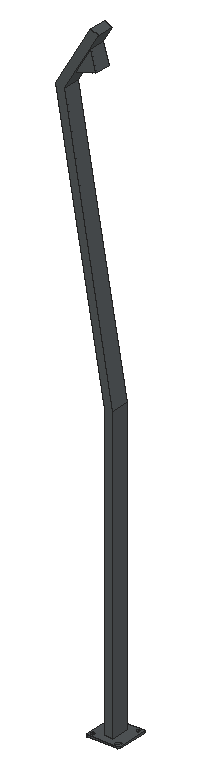
Revit family "Брейк", category Осветительные приборы, Revit 2019 (continued)
Types (3, lengths in mm): name | Файл фотометрической сетки | built-in parameter 1150105 | Lumens | built-in parameter 1150106 | built-in parameter 1150142 | Wattage | ADSK_Фактическая мощность | ADSK_Номинальная мощность | ADSK_Наименование | ADSK_Масса_Текст | ADSK_Масса | ADSK_Артикул | 60вт
    06.2 299.4 299.0 304.3 310.7 315.0 318.7 323.8 331.5 339.6 346.6 351.5 356.6 363.8 374.6 388.1 402.7 416.6 428.6\r\n 437.6 442.9 444.0 442.7 441.4 443.2 447.5 452.8 456.4 458.5 459.4 459.3 457.3 452.2 444.4 434.3 423.3 410.6 396.1 378.7 359.7\r\n 339.5 319.2 298.9 279.8 262.1 245.8 229.4 212.3 194.6 177.1 161.1 147.0 134.5 123.0 111.8 101.3 91.9 83.6 75.6 67.7 60.3 54.0\r\n 49.1 45.0 41.4 38.0 34.7 31.7 29.4 27.9 27.1 26.5 25.7 24.9 24.3 23.9 23.6 23.0 21.8 20.1 18.0 15.8 13.8 12.1 10.7 9.4 8.1 7.0\r\n 6.7\r\n325.0 321.2 314.1 306.5 303.1 305.5 310.4 315.1 320.3 326.8 335.1 343.5 351.3 357.7 364.1 372.2 383.2 396.3 410.0 423.0 434.9\r\n 444.7 451.0 452.8 451.2 448.6 448.3 450.0 452.6 453.1 451.6 448.1 443.3 436.3 426.6 414.6 400.6 386.6 371.7 355.4 336.3 315.3\r\n 293.5 272.1 251.8 233.3 216.6 201.5 186.8 171.6 156.2 141.2 127.9 116.5 106.7 97.7 88.8 80.3 72.8 66.1 59.8 53.8 48.2 43.6 39.9\r\n 36.8 34.0 31.4 28.7 26.4 24.7 23.8 23.4 23.1 22.7 22.4 22.1 22.0 21.8 21.2 20.0 18.5 16.6 14.8 13.1 11.7 10.4 9.2 7.9 6.7 5.6\r\n325.0 323.1 317.3 309.6 305.2 305.7 309.3 313.6 319.6 327.1 336.0 345.2 354.4 363.2 372.0 381.9 393.4 405.5 417.3 428.0 438.2\r\n 447.0 453.4 455.8 454.6 451.5 449.4 448.8 449.0 447.1 442.9 435.8 426.8 415.4 401.5 385.5 368.5 352.2 336.3 319.6 300.2 278.7\r\n 256.6 235.5 216.1 198.9 183.8 170.5 157.9 145.2 132.4 119.8 108.5 98.6 90.3 82.6 75.1 67.9 61.3 55.5 50.3 45.6 41.4 37.8 34.7\r\n 32.1 29.6 27.2 24.9 22.9 21.6 20.9 20.6 20.2 19.8 19.5 19.3 19.2 18.8 18.1 17.0 15.6 14.1 12.7 11.5 10.4 9.4 8.2 7.0 5.6 4.7\r\n325.0 322.3 316.7 310.0 305.7 305.2 307.3 311.1 317.4 326.0 336.1 346.6 357.2 367.9 378.8 390.3 402.2 413.4 423.5 432.0 439.5\r\n 445.8 450.9 453.5 453.2 450.1 446.3 442.8 440.2 436.5 430.6 421.9 410.6 396.6 379.8 360.9 341.7 324.0 307.5 290.5 271.3 250.2\r\n 228.8 208.8 191.1 175.4 161.9 150.0 139.3 128.8 118.3 107.7 97.7 88.5 80.5 73.3 66.4 59.9 53.9 48.6 44.0 40.1 36.7 33.8 31.1 28.6\r\n 26.2 23.8 21.6 19.9 18.9 18.3 17.8 17.3 16.7 16.4 16.2 16.0 15.5 14.7 13.6 12.4 11.4 10.4 9.6 8.8 7.9 7.0 5.8 4.6 1.9\r\n325.0 320.0 314.6 309.8 306.5 305.4 306.1 309.5 316.2 326.2 337.6 349.4 360.8 372.3 384.1 396.1 407.7 418.1 427.2 434.3 439.8\r\n 443.3 446.5 448.8 449.5 446.8 441.4 435.0 429.1 423.2 416.3 406.8 394.7 379.4 361.1 341.3 321.7 303.7 286.6 269.0 249.7 229.1\r\n 208.9 190.5 174.4 160.2 148.0 137.2 127.8 119.0 110.2 101.0 91.7 82.7 74.5 67.3 60.6 54.5 48.9 44.0 39.7 36.2 33.1 30.5 28.0 25.7\r\n 23.3 21.0 18.9 17.5 16.6 16.0 15.3 14.6 14.0 13.7 13.5 13.3 12.7 11.9 10.9 9.9 9.2 8.6 8.1 7.4 6.7 5.9 4.9 3.6 2.9\r\n325.0 318.0 312.8 310.0 308.0 306.6 306.2 309.4 316.3 327.3 339.6 352.3 364.2 376.2 388.3 399.9 410.4 419.5 428.2 435.1 439.8\r\n 441.4 442.9 444.7 446.2 444.1 437.9 428.8 419.6 411.1 402.7 392.5 379.8 363.8 345.5 326.4 308.0 290.6 273.2 254.7 234.8 214.6\r\n 195.6 178.6 164.0 151.3 140.2 130.4 121.9 113.9 105.9 97.3 88.2 78.9 70.4 62.9 56.5 50.7 45.6 41.1 37.1 33.5 30.4 27.7 25.4 23.2\r\n 21.0 18.9 17.1 15.8 15.0 14.3 13.5 12.6 12.0 11.7 11.6 11.3 10.8 10.0 9.1 8.4 7.8 7.5 7.1 6.6 5.9 5.2 4.4 3.5 0.8\r\n325.0 316.1 310.6 308.9 308.1 307.7 307.6 311.0 317.9 328.9 341.1 354.1 366.6 379.6 392.0 402.7 411.3 418.6 426.9 434.3 439.8\r\n 441.4 442.4 443.9 445.5 443.5 436.8 426.2 414.7 403.7 393.4 381.9 368.1 351.5 333.5 315.9 299.3 282.7 265.0 245.8 225.7 206.1\r\n 188.0 172.2 158.7 147.0 136.9 127.8 119.7 111.9 104.1 95.5 86.0 76.3 67.5 59.8 53.5 48.3 43.7 39.7 35.8 32.0 28.6 25.8 23.5 21.5\r\n 19.5 17.7 16.2 15.0 14.1 13.2 12.3 11.4 10.9 10.6 10.5 10.2 9.7 8.9 8.2 7.6 7.2 6.9 6.6 6.1 5.5 4.9 4.2 3.5 3.3\r\n325.0 313.8 306.5 304.2 304.2 305.5 307.2 311.6 318.5 329.0 340.6 353.9 367.5 381.9 395.0 404.9 411.4 416.8 424.2 432.2 439.2\r\n 442.4 444.4 445.5 446.2 443.4 436.4 425.4 413.0 400.5 388.8 376.2 361.7 344.6 327.0 310.3 294.6 278.2 260.0 240.5 220.6 201.7\r\n 184.5 169.6 156.9 146.0 136.4 127.6 119.6 111.6 103.5 94.5 84.8 74.9 65.8 58.2 52.0 47.0 42.9 39.2 35.4 31.5 27.8 24.7 22.3 20.4\r\n 18.8 17.3 15.9 14.6 13.6 12.6 11.6 10.9 10.4 10.1 9.9 9.5 9.1 8.5 7.8 7.3 6.9 6.6 6.3 5.8 5.3 4.7 4.1 3.6 4.1\r\n325.0 310.4 300.1 296.1 296.7 300.2 304.4 310.4 317.6 327.8 339.2 353.0 367.8 383.6 397.1 406.2 411.1 414.8 421.1 429.4 437.9\r\n 443.6 447.0 447.7 446.5 442.1 435.2 425.2 413.8 401.3 389.0 375.5 360.3 343.0 325.5 309.0 293.1 276.3 257.6 238.1 218.5 200.2\r\n 183.6 169.5 157.4 146.9 137.5 128.7 120.3 112.0 103.6 94.5 84.7 74.8 65.7 58.0 51.9 47.1 43.1 39.4 35.6 31.7 27.8 24.5 22.0 20.1\r\n 18.5 17.1 15.8 14.6 13.4 12.3 11.4 10.7 10.2 9.9 9.6 9.3 8.9 8.3 7.7 7.2 6.8 6.5 6.1 5.7 5.1 4.6 4.0 3.3 1.6\r\n325.0 306.3 292.4 286.3 287.1 292.7 299.4 307.1 315.2 326.0 337.9 352.3 367.5 383.6 396.9 405.8 410.2 413.6 419.3 427.6 437.1\r\n 444.4 448.4 448.1 445.0 439.5 433.3 425.4 416.3 405.1 392.7 378.6 362.7 345.2 327.7 311.3 295.2 278.0 259.0 239.4 219.8 201.4\r\n 184.8 170.7 158.9 148.7 139.3 130.3 121.6 113.0 104.3 95.3 85.8 76.2 67.2 59.6 53.4 48.3 44.1 40.3 36.5 32.5 28.6 25.1 22.3 20.2\r\n 18.6 17.2 15.9 14.7 13.5 12.4 11.5 10.9 10.5 10.2 9.9 9.4 8.9 8.4 7.8 7.3 6.9 6.5 6.1 5.6 5.0 4.4 3.9 3.0 2.3\r\n325.0 302.2 284.9 277.3 278.8 286.8 295.9 305.2 314.3 325.8 338.2 352.2 366.4 381.5 394.5 403.9 409.4 413.9 420.1 428.5 438.0\r\n 445.3 449.0 447.9 443.9 438.5 433.9 428.8 422.4 412.7 400.3 385.1 368.2 350.4 333.2 317.2 301.2 284.0 264.9 244.9 224.6 205.6\r\n 188.4 173.9 161.7 151.5 141.9 132.8 123.7 114.8 106.0 97.2 88.1 78.9 70.1 62.4 55.8 50.3 45.7 41.6 37.8 34.0 30.1 26.4 23.3 21.0\r\n 19.1 17.6 16.4 15.1 14.0 13.0 12.1 11.5 11.2 10.9 10.5 9.9 9.3 8.7 8.2 7.7 7.3 6.9 6.4 5.8 5.1 4.5 4.0 3.4 1.7\r\n325.0 298.2 278.3 270.3 273.8 284.7 296.0 306.3 315.9 327.6 339.5 351.8 363.5 376.8 389.5 400.6 408.6 415.5 423.1 431.9 440.8\r\n 447.1 450.0 448.8 445.4 441.3 438.5 435.7 431.2 422.8 410.5 394.9 377.3 359.4 342.5 327.0 311.5 294.8 275.5 254.9 233.6 213.6\r\n 195.4 180.0 167.0 156.0 145.9 136.3 126.9 117.7 108.9 100.1 91.4 82.5 73.9 66.0 59.0 52.9 47.8 43.4 39.7 36.0 32.2 28.3 25.0 22.2\r\n 20.2 18.6 17.3 16.2 15.1 14.1 13.3 12.7 12.3 12.0 11.5 10.9 10.2 9.5 9.0 8.5 8.1 7.7 7.1 6.3 5.5 4.8 4.3 3.8 4.4\r\n325.0 294.6 273.0 266.2 272.9 286.8 299.8 310.2 319.2 329.9 340.2 350.0 359.3 371.0 383.9 396.7 407.1 416.2 425.2 434.5 443.3\r\n 449.3 452.3 452.0 450.1 447.6 445.9 444.0 440.4 433.2 422.1 407.5 390.7 373.5 356.9 341.8 326.6 310.0 290.5 269.1 247.1 226.4\r\n 207.6 191.3 177.0 164.3 152.8 142.1 132.1 122.7 113.6 104.7 96.0 87.1 78.5 70.2 62.7 56.1 50.4 45.8 42.0 38.5 34.7 30.9 27.3 24.2\r\n 21.8 20.1 18.8 17.7 16.8 15.8 14.9 14.3 13.9 13.6 13.2 12.5 11.8 11.1 10.6 10.1 9.6 9.1 8.4 7.4 6.4 5.5 4.7 4.0 4.2\r\n325.0 291.3 269.1 264.4 274.7 290.9 304.3 313.5 320.9 329.7 338.1 346.2 354.2 365.4 378.6 392.3 403.6 413.5 423.3 433.7 443.6\r\n 450.9 455.0 456.1 455.5 454.1 452.4 450.3 446.9 441.5 433.2 421.9 408.0 392.8 377.4 362.7 347.6 330.9 311.3 289.7 267.4 246.4\r\n 227.2 209.9 193.8 178.9 165.0 152.5 141.4 131.2 121.6 112.0 102.6 93.2 84.1 75.5 67.5 60.3 54.3 49.4 45.4 41.7 38.0 34.0 30.2\r\n 26.9 24.2 22.3 20.9 19.9 18.9 18.0 17.1 16.4 16.0 15.9 15.6 15.1 14.5 13.9 13.4 12.7 12.0 11.1 10.1 8.9 7.7 6.5 5.3 4.0 1.5\r\n325.0 289.5 267.8 265.4 278.0 294.4 306.6 313.6 318.9 325.6 332.8 340.8 349.5 361.4 374.8 388.0 398.5 407.4 416.7 428.0 439.9\r\n 449.9 456.0 458.7 458.9 457.8 455.6 453.2 450.6 447.9 443.8 437.4 428.0 416.3 403.4 390.0 375.3 358.6 339.1 318.0 296.3 275.8\r\n 256.5 238.4 220.6 203.2 186.7 171.8 158.7 146.9 135.7 124.6 113.5 102.8 92.7 83.2 74.6 67.1 60.7 55.4 50.8 46.7 42.5 38.4 34.4\r\n 30.7 27.6 25.3 23.6 22.4 21.4 20.4 19.5 18.9 18.7 18.7 18.7 18.5 18.2 17.7 17.0 16.1 15.0 13.6 12.1 10.5 9.0 7.4 5.9 4.2 2.1\r\n325.0 290.1 270.0 269.2 282.0 296.3 305.8 310.4 313.7 318.9 325.5 334.6 345.2 358.5 371.7 383.9 392.6 400.0 408.4 420.0 433.3\r\n 445.3 453.4 457.5 458.5 458.1 456.3 454.7 453.8 454.4 454.7 453.0 448.1 440.7 431.4 420.9 408.1 392.8 374.7 355.0 335.0 315.9\r\n 297.3 278.7 259.6 240.1 221.3 204.0 188.6 174.3 160.4 146.4 132.5 119.3 107.2 96.4 86.8 78.6 71.6 65.6 60.0 54.8 49.9 45.1 40.6\r\n 36.4 32.7 29.7 27.4 25.8 24.5 23.3 22.3 21.7 21.5 21.7 21.9 22.0 21.8 21.4 20.6 19.4 17.7 15.7 13.7 11.8 9.9 8.2 6.4 4.6 3.2\r\n325.0 293.6 276.0 275.5 286.2 297.0 303.3 305.7 307.7 311.9 318.3 328.4 340.6 355.3 368.6 380.2 387.9 394.1 400.9 411.3 424.1\r\n 436.7 445.9 451.6 454.4 455.9 456.1 456.9 458.9 462.8 466.3 467.7 466.0 462.1 456.8 450.2 441.2 429.3 414.3 397.8 381.1 364.9\r\n 348.6 330.7 311.1 290.3 270.1 251.3 234.0 217.3 200.3 182.6 164.9 148.1 133.0 119.9 108.6 99.1 90.8 83.6 76.5 69.5 62.9 56.9 51.4\r\n 46.2 41.4 37.3 34.0 31.3 29.2 27.5 26.1 25.1 24.7 24.7 24.8 24.7 24.5 23.9 22.8 21.2 19.1 16.8 14.5 12.3 10.3 8.4 6.6 4.8 3.5\r\n325.0 299.3 284.5 283.1 290.3 297.2 300.8 301.9 303.4 307.2 313.2 323.2 335.5 350.4 364.0 375.9 383.8 390.0 395.7 404.2 414.7\r\n 425.9 435.3 442.7 448.2 452.7 456.5 460.8 466.1 472.3 477.3 479.7 479.4 478.0 476.3 474.1 470.3 463.4 453.5 441.4 429.3 417.4\r\n 404.6 388.8 369.9 349.4 329.6 311.4 294.3 276.7 257.6 236.6 215.1 194.3 175.7 159.6 145.9 134.4 124.4 115.2 105.9 96.5 87.6 79.4\r\n 72.2 65.3 58.8 52.9 47.8 43.6 40.0 36.9 34.3 32.2 30.5 29.3 28.2 27.1 26.0 24.8 23.2 21.2 18.9 16.4 14.1 12.0 10.0 8.1 6.4 4.8\r\n 2.8\r\n325.0 305.0 292.6 289.8 293.3 296.8 298.4 299.0 300.8 304.9 310.6 319.4 330.4 344.4 357.8 370.2 379.1 385.9 391.2 397.7 405.5\r\n 414.8 424.2 433.4 441.7 449.5 456.9 464.7 472.6 479.9 484.9 487.4 488.1 488.8 490.2 492.0 493.0 491.2 486.3 479.2 472.1 465.0\r\n 456.5 443.9 427.6 409.7 393.0 378.0 363.7 347.6 328.7 306.6 282.9 259.5 238.3 219.8 203.9 190.4 178.4 167.0 155.4 143.5 131.9\r\n 121.4 111.9 102.8 94.1 85.9 78.6 72.1 66.3 60.8 55.6 50.6 45.8 41.2 36.8 32.9 29.4 26.3 23.5 20.7 17.9 15.4 13.2 11.3 9.5 7.7 6.1\r\n 4.6 3.7\r\n325.0 309.0 298.2 293.9 294.3 295.3 295.8 296.6 299.2 304.0 309.5 317.0 325.8 337.7 350.0 362.1 371.6 379.1 384.7 390.3 396.7\r\n 405.0 414.9 425.6 436.2 446.3 456.2 466.0 475.0 482.2 486.9 490.2 492.9 496.2 500.5 505.2 509.2 510.6 509.3 506.0 503.0 500.2\r\n 496.0 488.0 476.5 463.6 451.9 442.0 432.0 419.6 403.3 383.1 360.5 337.6 316.3 297.4 281.0 266.6 253.5 240.8 227.7 214.4 201.5\r\n 189.6 178.5 167.6 157.1 147.2 138.4 129.9 121.5 112.7 103.1 92.6 81.4 70.0 58.9 48.8 40.0 32.7 26.8 22.0 18.1 15.1 12.9 11.1 9.4\r\n 7.8 6.2 4.7 3.0\r\n325.0 309.5 298.5 292.8 291.3 291.0 291.4 293.1 296.9 302.5 308.0 314.2 320.9 330.5 341.1 352.1 361.0 368.2 374.0 379.7 386.6\r\n 395.6 406.8 418.8 430.6 441.4 451.8 461.8 470.3 476.8 481.8 487.2 493.4 500.1 506.8 512.8 517.4 519.7 520.0 519.4 519.7 520.7\r\n 521.1 518.9 513.6 506.9 500.4 494.8 488.6 480.4 468.6 453.1 434.9 415.8 397.4 380.7 365.9 352.7 340.3 328.1 315.6 303.3 291.8\r\n 281.0 270.6 260.0 249.9 240.9 232.8 224.5 214.6 202.0 186.4 167.6 146.4 123.8 101.5 80.8 62.6 47.8 36.1 27.4 21.0 16.7 13.9 11.9\r\n 10.2 8.6 7.1 5.7 2.8\r\n325.0 307.0 294.2 287.2 284.9 284.1 285.3 288.5 293.7 300.1 305.5 310.3 315.0 322.4 331.3 340.5 347.9 353.5 358.9 365.5 374.4\r\n 385.3 398.0 410.6 422.4 432.7 442.2 450.8 457.5 463.0 468.9 477.5 487.6 497.7 506.0 512.0 515.9 517.9 519.0 520.5 523.7 528.6\r\n 533.9 537.9 539.1 537.7 534.4 530.7 526.7 522.0 515.3 505.9 493.8 480.0 466.0 453.1 441.7 431.7 422.0 412.3 402.6 394.0 386.8\r\n 380.4 373.8 366.8 360.5 355.7 351.9 346.4 336.7 321.1 299.0 270.4 236.5 199.7 162.6 127.6 96.7 71.1 51.3 36.7 26.6 20.2 16.3 13.9\r\n 11.9 10.2 8.6 7.2 7.4\r\n325.0 302.6 287.3 279.6 277.4 276.7 278.6 282.9 289.8 296.9 302.2 305.6 308.4 313.6 320.9 328.3 333.6 337.1 341.7 349.0 359.9\r\n 372.6 385.8 398.0 408.7 417.9 425.9 432.4 436.9 441.4 448.3 459.5 472.7 484.9 493.8 499.4 502.9 505.3 508.0 512.0 518.2 526.8\r\n 537.0 546.6 552.9 554.5 552.2 548.5 545.3 543.5 541.6 537.9 531.1 522.0 511.9 502.6 495.0 489.0 483.2 477.0 471.2 467.3 465.8\r\n 465.6 465.2 464.5 464.7 466.9 469.6 469.1 461.5 444.2 416.3 378.2 331.9 280.5 228.0 178.0 133.6 96.7 68.1 47.4 33.4 24.6 19.5\r\n 16.4 14.1 12.1 10.4 8.9 7.9\r\n325.0 299.3 282.5 275.3 273.4 272.3 273.5 277.8 285.5 293.3 298.6 300.5 301.7 304.9 310.6 315.9 319.0 320.4 324.1 331.9 344.1\r\n 357.1 369.5 379.9 389.0 396.9 403.2 407.5 410.0 413.7 421.4 434.0 448.4 461.0 469.6 475.2 479.3 483.5 488.4 494.7 503.1 514.7\r\n 528.4 541.9 551.4 554.6 552.4 548.5 546.1 546.8 548.6 549.1 545.9 539.7 532.2 525.8 521.5 519.0 516.6 513.6 510.9 510.9 514.0\r\n 519.5 525.3 531.3 538.4 547.2 555.8 560.0 554.6 536.8 505.1 460.3 404.6 342.1 277.8 216.3 161.4 115.8 80.7 55.4 38.6 28.2 22.2\r\n 18.6 16.0 13.8 11.9 10.8 7.3\r\n325.0 297.9 281.0 274.9 273.5 271.5 271.0 273.8 280.7 288.0 292.9 294.2 294.7 296.7 300.8 303.9 304.9 304.8 307.9 315.8 327.7\r\n 339.5 349.6 357.4 364.1 370.3 374.8 377.3 378.6 382.2 390.4 403.2 416.9 428.2 435.9 441.5 447.0 453.3 460.0 467.6 477.0 489.6\r\n 504.8 519.9 530.7 534.9 533.6 530.6 529.7 532.4 536.6 539.4 538.3 534.1 528.6 524.3 522.3 522.0 521.6 520.2 519.1 520.6 525.8\r\n 534.2 544.0 554.7 566.5 579.4 591.2 597.7 593.8 576.3 543.3 495.6 435.8 368.3 298.5 231.6 172.0 122.8 85.0 58.2 40.5 29.8 23.6\r\n 19.9 17.1 14.7 12.9 11.8 15.6\r\n325.0 298.3 281.9 276.6 275.0 272.5 270.1 270.7 275.0 280.0 283.7 284.9 286.1 288.3 291.4 292.6 291.8 290.5 293.2 300.5 311.2\r\n 321.0 328.4 333.1 337.0 340.4 342.9 344.0 345.2 349.2 357.6 369.2 381.0 390.4 396.8 402.0 407.9 415.0 422.3 429.8 438.6 450.3\r\n 464.5 478.8 489.4 494.5 494.9 494.0 494.8 498.8 503.9 507.8 508.0 505.5 502.1 499.8 499.4 500.0 500.1 499.0 497.8 498.7 503.3\r\n 511.5 521.9 533.9 546.8 560.0 571.4 577.6 574.1 557.6 526.2 480.3 422.4 356.7 288.5 223.1 165.0 117.4 81.1 55.5 38.8 28.8 23.1\r\n 19.7 17.0 14.8 13.0 12.3 10.8\r\n325.0 298.5 281.6 276.0 274.3 272.3 269.3 267.8 268.3 269.7 271.4 273.2 276.1 279.4 282.1 281.8 279.5 277.5 279.3 285.4 294.1\r\n 301.8 306.6 308.5 309.4 309.9 310.4 310.4 311.6 315.7 323.5 333.2 342.6 349.8 354.7 358.8 363.7 369.7 376.2 382.7 390.1 399.6\r\n 411.0 422.5 431.5 436.9 439.0 440.2 442.3 446.6 451.6 455.7 457.0 456.1 454.6 453.8 454.2 454.9 454.8 453.3 451.2 450.7 453.0\r\n 458.8 467.0 477.0 487.8 498.6 507.3 511.5 507.8 493.1 465.5 425.2 374.1 316.0 255.4 197.1 145.4 103.3 71.5 49.2 34.6 26.0 21.2\r\n 18.3 15.9 13.9 12.3 11.5 11.0\r\n325.0 297.3 278.6 271.4 269.8 269.4 267.2 264.5 261.5 259.5 259.4 261.6 265.9 269.9 271.9 270.4 267.3 264.6 265.1 269.2 275.7\r\n 281.4 284.3 284.0 282.5 280.7 279.5 278.8 279.7 282.9 288.9 296.0 303.0 308.3 311.7 314.1 317.0 320.9 325.6 330.7 336.4 343.2\r\n 351.0 358.7 365.0 369.6 372.4 374.7 377.1 380.9 385.4 389.4 391.4 391.6 391.0 390.9 391.4 392.0 391.7 389.8 387.0 385.1 385.3\r\n 387.9 392.3 398.0 404.5 411.3 416.4 418.0 413.6 401.0 378.5 346.1 305.0 258.1 208.8 161.2 119.2 85.0 59.2 41.0 29.1 22.2 18.4\r\n 16.0 14.2 12.4 11.0 10.2 12.0\r\n325.0 294.7 273.1 263.9 262.4 264.0 263.5 260.8 256.1 252.1 250.6 252.6 256.5 259.5 259.8 257.3 253.9 251.0 250.3 251.9 255.7\r\n 259.2 260.4 258.8 256.0 253.4 251.7 250.4 250.2 251.8 255.4 260.1 264.9 268.4 270.0 270.5 271.1 272.8 275.7 279.1 283.0 287.2\r\n 291.5 295.3 298.3 300.9 303.0 305.0 306.9 309.7 313.3 317.0 319.3 319.7 318.9 318.3 318.4 318.8 318.5 316.8 314.2 311.9 310.6\r\n 310.3 310.7 311.7 313.7 316.3 318.1 317.5 312.4 301.5 283.9 259.4 228.9 194.1 157.4 122.1 90.8 65.4 46.1 32.5 23.6 18.4 15.5 13.7\r\n 12.2 10.8 9.4 8.3 6.2\r\n325.0 292.2 267.9 256.6 254.8 257.5 258.3 256.4 251.8 247.4 245.0 245.4 247.1 247.5 245.8 242.6 239.6 236.9 235.3 234.8 235.8\r\n 236.7 236.2 233.7 230.7 228.2 226.5 224.9 223.7 223.5 225.0 227.9 230.7 232.4 232.0 230.5 229.1 228.9 229.8 231.4 233.4 235.3\r\n 236.7 237.1 237.0 236.9 237.3 237.8 238.6 240.0 242.5 245.5 247.4 247.4 245.8 244.2 243.7 243.9 243.9 242.8 240.8 238.6 236.6\r\n 234.5 231.9 229.4 227.7 227.2 226.6 224.4 219.0 209.6 196.0 178.4 157.1 133.5 108.8 85.0 64.1 46.9 33.9 24.6 18.6 15.0 13.0 11.7\r\n 10.5 9.3 8.1 6.5 3.5\r\n325.0 292.1 266.7 253.6 250.2 252.2 253.1 251.5 247.3 243.0 239.7 238.0 236.7 234.3 230.9 227.6 225.3 223.2 221.1 219.0 217.4\r\n 215.7 213.5 210.4 207.7 205.6 203.9 202.0 199.8 198.3 198.5 199.9 201.0 200.6 197.9 194.3 191.1 189.3 188.6 188.5 188.7 188.7\r\n 187.8 185.7 183.1 180.6 178.9 177.7 177.0 177.0 178.1 179.7 180.7 180.0 177.8 175.4 174.2 174.2 174.4 173.7 172.4 170.6 168.4\r\n 165.4 161.5 157.3 153.9 151.8 150.0 147.
